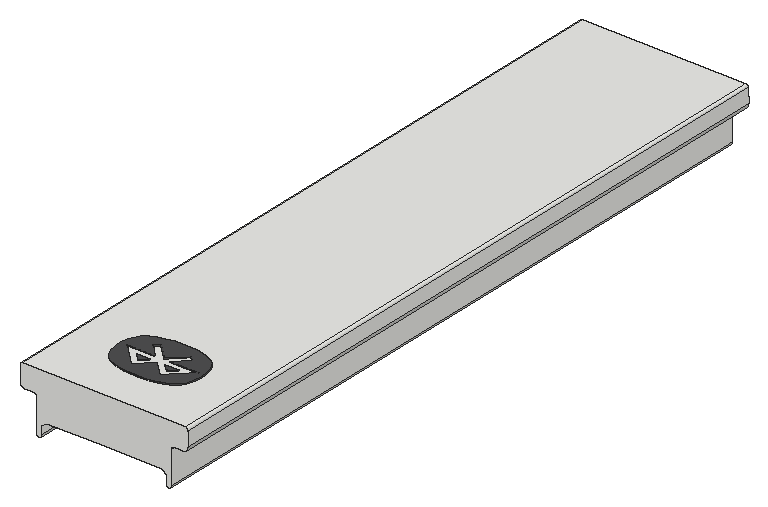
Revit family "Zumtobel TECTON 2 wireless controls", category Lighting Devices, host Face, Revit 2023
Family settings
  Host = Face
  Round Connector Dimension = Use Diameter
  Part Type = Normal
  Cut with Voids When Loaded = No
  Maintain Annotation Orientation = No
  Shared = Yes
  Room Calculation Point = Yes
Parameters (values of type "BC REPEATER TEC2 WH")
  Visibility NOT HC = not(Visibility HC)  # yes
  Visibility LC/MC = or([Is LC/MC Type], and(not(Is HC Type), not(Is Only Bluetooth)))  # no
  Visibility HC = and(not([Is LC/MC Type]), Is HC Type)  # no
  Visibility B = and(not([Is LC/MC Type]), not(Is HC Type), Is Only Bluetooth)  # yes
  Material Bluetooth = Zumtobel-Plastic-RAL 9005-Jet Black
  Is Only Bluetooth = yes
  URL = "www.zumtobel.com/22173073"
  Type Image = ZS_TE2_F_BC_Sensor_WH.jpg
  Type IFC Predefined Type = "MOVEMENTSENSOR"
  Model = "22173073"
  Material Housing = Zumtobel-Plastic-RAL 9003-Signal White
  Material Body = Zumtobel-Plastic-RAL 9003-Signal White
  Manufacturer = "Zumtobel Lighting"  # constant formula
  Luminaire Width = 60 mm  # constant formula
  Luminaire Length = 250 mm  # constant formula
  Luminaire Height = 90 mm  # constant formula
  Lighting Trunking System Mark [instance] = ""
  Is LC/MC Type = no
  Is HC Type = no
  Export Type to IFC As = "IfcSensorType"
  Description = "Lighting and occupancy sensors"  # constant formula
  Default Elevation = 0 mm  # constant formula
  Assembly Code = "Pr_75_75_27_23"
Types (7, lengths in mm): name | Visibility NOT HC | Visibility LC/MC | Visibility HC | Visibility B | Material Bluetooth | Is Only Bluetooth | URL | Type Image | Model | Material Housing | Material Body | Is LC/MC Type | Is HC Type
  (no name) | yes | no | no | yes | Zumtobel-Plastic-RAL 9005-Jet Black | yes | "www.zumtobel.com/22173073" | ZS_TE2_F_BC_Sensor_WH.jpg | "22173073" | Zumtobel-Plastic-RAL 9003-Signal White | Zumtobel-Plastic-RAL 9003-Signal White | no | no
  BC REPEATER TEC2 BK | yes | no | no | yes | Zumtobel-Plastic-RAL 9003-Signal White | yes | "www.zumtobel.com/22173111" | ZS_TE2_F_BC_Sensor_BK.jpg | "22173111" | Zumtobel-Plastic-RAL 9005-Jet Black | Zumtobel-Plastic-RAL 9005-Jet Black | no | no
  BC REPEATER TEC2 WH | yes | no | no | yes | Zumtobel-Plastic-RAL 9005-Jet Black | yes | "www.zumtobel.com/22173073" | ZS_TE2_F_BC_Sensor_WH.jpg | "22173073" | Zumtobel-Plastic-RAL 9003-Signal White | Zumtobel-Plastic-RAL 9003-Signal White | no | no
  DALI MSENS HB BC TEC2 BK | no | no | yes | no | Zumtobel-Plastic-RAL 9003-Signal White | no | "www.zumtobel.com/22173115" | ZS_TEC_F_MSENS_HC_BK.jpg | "22173115" | Zumtobel-Plastic-RAL 9005-Jet Black | Zumtobel-Plastic-RAL 9003-Signal White | no | yes
  DALI MSENS HC BC TEC2 WH | no | no | yes | no | Zumtobel-Plastic-RAL 9005-Jet Black | no | "www.zumtobel.com/22172959" | ZS_TEC_F_MSENS_HC_WH.jpg | "22172959" | Zumtobel-Plastic-RAL 9003-Signal White | Zumtobel-Plastic-RAL 9003-Signal White | no | yes
  DALI MSENS LC BC TEC2 WH | yes | yes | no | no | Zumtobel-Plastic-RAL 9005-Jet Black | no | "www.zumtobel.com/22172965" | ZS_TE2_F_MSENS_MC_WH.jpg | "22172965" | Zumtobel-Plastic-RAL 9003-Signal White | Zumtobel-Plastic-RAL 9003-Signal White | yes | no
  DALI MSENS LC BC TEC2 BK | yes | yes | no | no | Zumtobel-Plastic-RAL 9003-Signal White | no | "www.zumtobel.com/22173117" | ZS_TE2_F_MSENS_MC_BK.jpg | "22173117" | Zumtobel-Plastic-RAL 9005-Jet Black | Zumtobel-Plastic-RAL 9005-Jet Black | yes | no
Reference planes
  plane 1 "Center (Front/Back)": y = 0
  plane 2: z = 0
  plane 3 "Center (Left/Right)": x = 0
  plane 4: z = 13.808
  plane 5: y = 125
  plane 6: y = -125
  plane 7: x = -30
  plane 8: x = 30
  plane 9 "Sensor Center": y = 6
  plane 10: y = 6.25
Forms (mm)
  Extrusion 1, solid, material "Zumtobel-Plastic-RAL 9003-Signal White" <- "Material Housing"
    sketch origin (0, 0, 0) x (1, 0, 0) y (0, 0, 1)
      loop
        line (-20.587, -2.563) -> (0, -2.563) -> (20.587, -2.563) -> (22.156, -3.86) -> (22.156, -6.678)
        arc (22.156, -6.678) -> (23.178, -7.7) -> (24.2, -6.678) r 1.022
        line (24.2, -6.678) -> (24.2, 5.214)
        arc (24.2, 5.214) -> (24.378, 5.644) -> (24.808, 5.822) r 0.608
        line (24.808, 5.822) -> (28.1, 5.822)
        arc (28.1, 5.822) -> (29.444, 6.378) -> (30, 7.722) r 1.9
        line (30, 7.722) -> (30, 12.808)
        arc (30, 12.808) -> (29.707, 13.515) -> (29, 13.808) r 1
        line (29, 13.808) -> (-29, 13.808)
        arc (-29, 13.808) -> (-29.707, 13.515) -> (-30, 12.808) r 1
        line (-30, 12.808) -> (-30, 7.722)
        arc (-30, 7.722) -> (-29.444, 6.378) -> (-28.1, 5.822) r 1.9
        line (-28.1, 5.822) -> (-24.808, 5.822)
        arc (-24.808, 5.822) -> (-24.378, 5.644) -> (-24.2, 5.214) r 0.608
        line (-24.2, 5.214) -> (-24.2, -6.678)
        arc (-24.2, -6.678) -> (-23.178, -7.7) -> (-22.156, -6.678) r 1.022
        line (-22.156, -6.678) -> (-22.156, -3.86) -> (-20.587, -2.563)
    from -125 to 125
  Extrusion 2, solid, material "Zumtobel-Plastic-RAL 9005-Jet Black" <- "Material Bluetooth", visible <- "Visibility B"
    sketch origin (0, -100, 0) x (1, 0, 0) y (0, 1, 0)
      loop
        spline (-15, 0) -> (-14.75, -2.419) -> (-14.29, -4.364) -> (-13.634, -5.905) -> (-12.796, -7.117) -> (-11.788, -8.072) -> (-10.625, -8.842) -> (-9.316, -9.491) -> (-7.85, -10.033) -> (-6.205, -10.463) -> (-4.362, -10.776) -> (-2.3, -10.968) -> (0, -11.033)
        spline (0, -11.033) -> (2.3, -10.968) -> (4.362, -10.776) -> (6.205, -10.463) -> (7.85, -10.033) -> (9.316, -9.491) -> (10.625, -8.842) -> (11.788, -8.072) -> (12.796, -7.117) -> (13.634, -5.905) -> (14.29, -4.364) -> (14.75, -2.419) -> (15, 0)
        spline (15, 0) -> (14.75, 2.419) -> (14.29, 4.364) -> (13.634, 5.905) -> (12.796, 7.117) -> (11.788, 8.072) -> (10.625, 8.842) -> (9.316, 9.491) -> (7.85, 10.033) -> (6.205, 10.463) -> (4.362, 10.776) -> (2.3, 10.968) -> (0, 11.033)
        spline (0, 11.033) -> (-2.3, 10.968) -> (-4.362, 10.776) -> (-6.205, 10.463) -> (-7.85, 10.033) -> (-9.316, 9.491) -> (-10.625, 8.842) -> (-11.788, 8.072) -> (-12.796, 7.117) -> (-13.634, 5.905) -> (-14.29, 4.364) -> (-14.75, 2.419) -> (-15, 0)
      loop
        line (0, -1.694) -> (5.115, -6.81) -> (12.946, 1.021) -> (2.715, 1.021) -> (6.929, 5.235) -> (5.347, 6.817) -> (0, 1.47) -> (-5.347, 6.817) -> (-6.929, 5.235) -> (-2.715, 1.021) -> (-12.946, 1.021) -> (-5.115, -6.81) -> (0, -1.694)
      loop
        line (-7.504, -1.213) -> (-5.093, -3.623) -> (-2.683, -1.213) -> (-7.504, -1.213)
      loop
        line (7.504, -1.213) -> (2.683, -1.213) -> (5.093, -3.623) -> (7.504, -1.213)
    from 14 to 13
  Revolve 3, solid, material "Zumtobel-Plastic-Translucent-White", visible <- "Visibility LC/MC"
    sketch origin (0, 0, 0) x (0, -1, 0) y (0, 0, -1)
      loop
        arc (-109.569, -14.593) -> (-105.496, -18.555) -> (-100, -20) r 11.171
        line (-100, -20) -> (-100, -14.593) -> (-109.569, -14.593)
      axis (-100, -14.593) -> (-100, -20)
    angle from 0 to 360
  Revolve 4, solid, material "Zumtobel-Plastic-RAL 9003-Signal White" <- "Material Housing", visible <- "Visibility LC/MC"
    sketch origin (0, 0, 0) x (0, -1, 0) y (0, 0, -1)
      loop
        arc (-116, -13.808) -> (-113.151, -17.104) -> (-109.579, -19.6) r 17.614
        line (-109.579, -19.6) -> (-107.762, -19.6)
        arc (-107.762, -19.6) -> (-110.552, -17.43) -> (-112.66, -14.593) r 13.093
        line (-112.66, -14.593) -> (-100, -14.593) -> (-100, -13.808) -> (-116, -13.808)
      axis (-100, -13.808) -> (-100, -19.6)
    angle from 0 to 360
  Extrusion 5, solid, material "Zumtobel-Plastic-RAL 9003-Signal White" <- "Material Housing", visible <- "Visibility HC"
    sketch origin (0, 12.25, 0) x (1, 0, 0) y (0, 1, 0)
      loop
        arc (40, -47.25) -> (43.536, -45.786) -> (45, -42.25) r 5
        line (45, -42.25) -> (45, -3.769) -> (45, 53.75)
        arc (45, 53.75) -> (43.536, 57.286) -> (40, 58.75) r 5
        line (40, 58.75) -> (-40, 58.75)
        arc (-40, 58.75) -> (-43.536, 57.286) -> (-45, 53.75) r 5
        line (-45, 53.75) -> (-45, -6.406) -> (-45, -42.25)
        arc (-45, -42.25) -> (-43.536, -45.786) -> (-40, -47.25) r 5
        line (-40, -47.25) -> (40, -47.25)
    from 13.808 to 31.808
  Extrusion 6, solid, material "Zumtobel-Plastic-RAL 9003-Signal White" <- "Material Body", visible <- "Visibility HC"
    sketch origin (0, 12.25, 0) x (1, 0, 0) y (0, 1, 0)
      loop
        line (-42, 53.25) -> (-42, -10.679) -> (-42, -41.75)
        arc (-42, -41.75) -> (-41.268, -43.518) -> (-39.5, -44.25) r 2.5
        line (-39.5, -44.25) -> (39.5, -44.25)
        arc (39.5, -44.25) -> (41.268, -43.518) -> (42, -41.75) r 2.5
        line (42, -41.75) -> (42, -17.113) -> (42, 53.25)
        arc (42, 53.25) -> (41.268, 55.018) -> (39.5, 55.75) r 2.5
        line (39.5, 55.75) -> (-39.5, 55.75)
        arc (-39.5, 55.75) -> (-41.268, 55.018) -> (-42, 53.25) r 2.5
    from 31.808 to 39.8
  Revolve 7, solid, material "Zumtobel-Plastic-RAL 9003-Signal White" <- "Material Body", visible <- "Visibility HC"
    sketch origin (0, 12.25, -4) x (0, 1, 0) y (0, 0, 1)
      loop
        line (-6.25, 41.8) -> (-6.25, 44.31) -> (-26.05, 44.31)
        arc (-26.05, 44.31) -> (-35.356, 48.367) -> (-38.715, 57.947) r 12.7
        line (-38.715, 57.947) -> (-42.573, 57.947) -> (-42.573, 50.592) -> (-40.781, 48.8) -> (-40.781, 41.8) -> (-6.25, 41.8)
      axis (-6.25, 57.947) -> (-6.25, 41.8)
    angle from 0 to 360
  Revolve 8, solid, material "Zumtobel-Plastic-Translucent-White", visible <- "Visibility HC"
    sketch origin (0, 12.25, 0) x (0, 1, 0) y (0, 0, 1)
      loop
        arc (-6.25, 47.701) -> (-16.871, 45.512) -> (-26.09, 39.8) r 31.014
        line (-26.09, 39.8) -> (-6.25, 39.8) -> (-6.25, 47.701)
      axis (-6.25, 47.701) -> (-6.25, 39.8)
    angle from 0 to 360
  Revolve 9, void
    sketch origin (0, 12.25, 0) x (0, 1, 0) y (0, 0, 1)
      loop
        line (-26.722, 42.012) -> (-26.722, 39.578) -> (-23.873, 39.578) -> (-26.722, 42.012)
      axis (-6.25, 42.012) -> (-6.25, 39.578)
    angle from 0 to 360
  Extrusion 10, void
    sketch origin (0, 12.25, 0) x (1, 0, 0) y (0, 1, 0)
      loop
        line (1.519, 28.54) -> (1.672, 32.037)
        arc (1.672, 32.037) -> (0.836, 32.064) -> (0, 32.073) r 38.323
        arc (0, 32.073) -> (-0.836, 32.064) -> (-1.672, 32.037) r 38.323
        line (-1.672, 32.037) -> (-1.519, 28.54)
        arc (-1.519, 28.54) -> (-3.035, 28.441) -> (-4.545, 28.275) r 34.823
        line (-4.545, 28.275) -> (-5.002, 31.745)
        arc (-5.002, 31.745) -> (-6.655, 31.491) -> (-8.295, 31.165) r 38.323
        line (-8.295, 31.165) -> (-7.537, 27.748)
        arc (-7.537, 27.748) -> (-9.013, 27.387) -> (-10.472, 26.961) r 34.823
        line (-10.472, 26.961) -> (-11.524, 30.299)
        arc (-11.524, 30.299) -> (-13.107, 29.762) -> (-14.666, 29.156) r 38.323
        line (-14.666, 29.156) -> (-13.326, 25.922)
        arc (-13.326, 25.922) -> (-14.717, 25.31) -> (-16.08, 24.638) r 34.823
        line (-16.08, 24.638) -> (-17.696, 27.743)
        arc (-17.696, 27.743) -> (-19.162, 26.939) -> (-20.591, 26.071) r 38.323
        line (-20.591, 26.071) -> (-18.71, 23.119)
        arc (-18.71, 23.119) -> (-19.974, 22.275) -> (-21.199, 21.377) r 34.823
        line (-21.199, 21.377) -> (-23.33, 24.154)
        arc (-23.33, 24.154) -> (-24.634, 23.107) -> (-25.891, 22.005) r 38.323
        line (-25.891, 22.005) -> (-23.526, 19.424)
        arc (-23.526, 19.424) -> (-24.624, 18.374) -> (-25.674, 17.276) r 34.823
        line (-25.674, 17.276) -> (-28.255, 19.641)
        arc (-28.255, 19.641) -> (-29.357, 18.384) -> (-30.404, 17.08) r 38.323
        line (-30.404, 17.08) -> (-27.627, 14.949)
        arc (-27.627, 14.949) -> (-28.525, 13.724) -> (-29.369, 12.46) r 34.823
        line (-29.369, 12.46) -> (-32.321, 14.341)
        arc (-32.321, 14.341) -> (-33.189, 12.912) -> (-33.993, 11.446) r 38.323
        line (-33.993, 11.446) -> (-30.888, 9.83)
        arc (-30.888, 9.83) -> (-31.56, 8.467) -> (-32.172, 7.076) r 34.823
        line (-32.172, 7.076) -> (-35.406, 8.416)
        arc (-35.406, 8.416) -> (-36.012, 6.857) -> (-36.549, 5.274) r 38.323
        line (-36.549, 5.274) -> (-33.211, 4.222)
        arc (-33.211, 4.222) -> (-33.637, 2.763) -> (-33.998, 1.287) r 34.823
        line (-33.998, 1.287) -> (-37.415, 2.045)
        arc (-37.415, 2.045) -> (-37.741, 0.405) -> (-37.995, -1.248) r 38.323
        line (-37.995, -1.248) -> (-34.525, -1.705)
        arc (-34.525, -1.705) -> (-34.691, -3.215) -> (-34.79, -4.731) r 34.823
        line (-34.79, -4.731) -> (-38.287, -4.578)
        arc (-38.287, -4.578) -> (-38.314, -5.414) -> (-38.323, -6.25) r 38.323
        arc (-38.323, -6.25) -> (-38.314, -7.086) -> (-38.287, -7.922) r 38.323
        line (-38.287, -7.922) -> (-34.79, -7.769)
        arc (-34.79, -7.769) -> (-34.691, -9.285) -> (-34.525, -10.795) r 34.823
        line (-34.525, -10.795) -> (-37.995, -11.252)
        arc (-37.995, -11.252) -> (-37.741, -12.905) -> (-37.415, -14.545) r 38.323
        line (-37.415, -14.545) -> (-33.998, -13.787)
        arc (-33.998, -13.787) -> (-33.637, -15.263) -> (-33.211, -16.722) r 34.823
        line (-33.211, -16.722) -> (-36.549, -17.774)
        arc (-36.549, -17.774) -> (-36.012, -19.357) -> (-35.406, -20.916) r 38.323
        line (-35.406, -20.916) -> (-32.172, -19.576)
        arc (-32.172, -19.576) -> (-31.56, -20.967) -> (-30.888, -22.33) r 34.823
        line (-30.888, -22.33) -> (-33.993, -23.946)
        arc (-33.993, -23.946) -> (-33.189, -25.412) -> (-32.321, -26.841) r 38.323
        line (-32.321, -26.841) -> (-29.369, -24.96)
        arc (-29.369, -24.96) -> (-28.525, -26.224) -> (-27.627, -27.449) r 34.823
        line (-27.627, -27.449) -> (-30.404, -29.58)
        arc (-30.404, -29.58) -> (-29.357, -30.884) -> (-28.255, -32.141) r 38.323
        line (-28.255, -32.141) -> (-25.674, -29.776)
        arc (-25.674, -29.776) -> (-24.624, -30.874) -> (-23.526, -31.924) r 34.823
        line (-23.526, -31.924) -> (-25.891, -34.505)
        arc (-25.891, -34.505) -> (-24.634, -35.607) -> (-23.33, -36.654) r 38.323
        line (-23.33, -36.654) -> (-21.199, -33.877)
        arc (-21.199, -33.877) -> (-19.974, -34.775) -> (-18.71, -35.619) r 34.823
        line (-18.71, -35.619) -> (-20.591, -38.571)
        arc (-20.591, -38.571) -> (-19.162, -39.439) -> (-17.696, -40.243) r 38.323
        line (-17.696, -40.243) -> (-16.08, -37.138)
        arc (-16.08, -37.138) -> (-14.717, -37.81) -> (-13.326, -38.422) r 34.823
        line (-13.326, -38.422) -> (-14.666, -41.656)
        arc (-14.666, -41.656) -> (-13.107, -42.262) -> (-11.524, -42.799) r 38.323
        line (-11.524, -42.799) -> (-10.472, -39.461)
        arc (-10.472, -39.461) -> (-9.013, -39.887) -> (-7.537, -40.248) r 34.823
        line (-7.537, -40.248) -> (-8.295, -43.665)
        arc (-8.295, -43.665) -> (-6.655, -43.991) -> (-5.002, -44.245) r 38.323
        line (-5.002, -44.245) -> (-4.545, -40.775)
        arc (-4.545, -40.775) -> (-3.035, -40.941) -> (-1.519, -41.04) r 34.823
        line (-1.519, -41.04) -> (-1.672, -44.537)
        arc (-1.672, -44.537) -> (-0.836, -44.564) -> (0, -44.573) r 38.323
        arc (0, -44.573) -> (0.836, -44.564) -> (1.672, -44.537) r 38.323
        line (1.672, -44.537) -> (1.519, -41.04)
        arc (1.519, -41.04) -> (3.035, -40.941) -> (4.545, -40.775) r 34.823
        line (4.545, -40.775) -> (5.002, -44.245)
        arc (5.002, -44.245) -> (6.655, -43.991) -> (8.295, -43.665) r 38.323
        line (8.295, -43.665) -> (7.537, -40.248)
        arc (7.537, -40.248) -> (9.013, -39.887) -> (10.472, -39.461) r 34.823
        line (10.472, -39.461) -> (11.524, -42.799)
        arc (11.524, -42.799) -> (13.107, -42.262) -> (14.666, -41.656) r 38.323
        line (14.666, -41.656) -> (13.326, -38.422)
        arc (13.326, -38.422) -> (14.717, -37.81) -> (16.08, -37.138) r 34.823
        line (16.08, -37.138) -> (17.696, -40.243)
        arc (17.696, -40.243) -> (19.162, -39.439) -> (20.591, -38.571) r 38.323
        line (20.591, -38.571) -> (18.71, -35.619)
        arc (18.71, -35.619) -> (19.974, -34.775) -> (21.199, -33.877) r 34.823
        line (21.199, -33.877) -> (23.33, -36.654)
        arc (23.33, -36.654) -> (24.634, -35.607) -> (25.891, -34.505) r 38.323
        line (25.891, -34.505) -> (23.526, -31.924)
        arc (23.526, -31.924) -> (24.624, -30.874) -> (25.674, -29.776) r 34.823
        line (25.674, -29.776) -> (28.255, -32.141)
        arc (28.255, -32.141) -> (29.357, -30.884) -> (30.404, -29.58) r 38.323
        line (30.404, -29.58) -> (27.627, -27.449)
        arc (27.627, -27.449) -> (28.525, -26.224) -> (29.369, -24.96) r 34.823
        line (29.369, -24.96) -> (32.321, -26.841)
        arc (32.321, -26.841) -> (33.189, -25.412) -> (33.993, -23.946) r 38.323
        line (33.993, -23.946) -> (30.888, -22.33)
        arc (30.888, -22.33) -> (31.56, -20.967) -> (32.172, -19.576) r 34.823
        line (32.172, -19.576) -> (35.406, -20.916)
        arc (35.406, -20.916) -> (36.012, -19.357) -> (36.549, -17.774) r 38.323
        line (36.549, -17.774) -> (33.211, -16.722)
        arc (33.211, -16.722) -> (33.637, -15.263) -> (33.998, -13.787) r 34.823
        line (33.998, -13.787) -> (37.415, -14.545)
        arc (37.415, -14.545) -> (37.741, -12.905) -> (37.995, -11.252) r 38.323
        line (37.995, -11.252) -> (34.525, -10.795)
        arc (34.525, -10.795) -> (34.691, -9.285) -> (34.79, -7.769) r 34.823
        line (34.79, -7.769) -> (38.287, -7.922)
        arc (38.287, -7.922) -> (38.314, -7.086) -> (38.323, -6.25) r 38.323
        arc (38.323, -6.25) -> (38.314, -5.414) -> (38.287, -4.578) r 38.323
        line (38.287, -4.578) -> (34.79, -4.731)
        arc (34.79, -4.731) -> (34.691, -3.215) -> (34.525, -1.705) r 34.823
        line (34.525, -1.705) -> (37.995, -1.248)
        arc (37.995, -1.248) -> (37.741, 0.405) -> (37.415, 2.045) r 38.323
        line (37.415, 2.045) -> (33.998, 1.287)
        arc (33.998, 1.287) -> (33.637, 2.763) -> (33.211, 4.222) r 34.823
        line (33.211, 4.222) -> (36.549, 5.274)
        arc (36.549, 5.274) -> (36.012, 6.857) -> (35.406, 8.416) r 38.323
        line (35.406, 8.416) -> (32.172, 7.076)
        arc (32.172, 7.076) -> (31.56, 8.467) -> (30.888, 9.83) r 34.823
        line (30.888, 9.83) -> (33.993, 11.446)
        arc (33.993, 11.446) -> (33.189, 12.912) -> (32.321, 14.341) r 38.323
        line (32.321, 14.341) -> (29.369, 12.46)
        arc (29.369, 12.46) -> (28.525, 13.724) -> (27.627, 14.949) r 34.823
        line (27.627, 14.949) -> (30.404, 17.08)
        arc (30.404, 17.08) -> (29.357, 18.384) -> (28.255, 19.641) r 38.323
        line (28.255, 19.641) -> (25.674, 17.276)
        arc (25.674, 17.276) -> (24.624, 18.374) -> (23.526, 19.424) r 34.823
        line (23.526, 19.424) -> (25.891, 22.005)
        arc (25.891, 22.005) -> (24.634, 23.107) -> (23.33, 24.154) r 38.323
        line (23.33, 24.154) -> (21.199, 21.377)
        arc (21.199, 21.377) -> (19.974, 22.275) -> (18.71, 23.119) r 34.823
        line (18.71, 23.119) -> (20.591, 26.071)
        arc (20.591, 26.071) -> (19.162, 26.939) -> (17.696, 27.743) r 38.323
        line (17.696, 27.743) -> (16.08, 24.638)
        arc (16.08, 24.638) -> (14.717, 25.31) -> (13.326, 25.922) r 34.823
        line (13.326, 25.922) -> (14.666, 29.156)
        arc (14.666, 29.156) -> (13.107, 29.762) -> (11.524, 30.299) r 38.323
        line (11.524, 30.299) -> (10.472, 26.961)
        arc (10.472, 26.961) -> (9.013, 27.387) -> (7.537, 27.748) r 34.823
        line (7.537, 27.748) -> (8.295, 31.165)
        arc (8.295, 31.165) -> (6.655, 31.491) -> (5.002, 31.745) r 38.323
        line (5.002, 31.745) -> (4.545, 28.275)
        arc (4.545, 28.275) -> (3.035, 28.441) -> (1.519, 28.54) r 34.823
      loop
        arc (-1.637, 36.184) -> (-42.459, -7.002) -> (-0.132, -48.715) r 42.465
        arc (-0.132, -48.715) -> (29.981, -36.324) -> (42.465, -6.25) r 42.465
        arc (42.465, -6.25) -> (29.443, 24.351) -> (-1.637, 36.184) r 42.465
    from 44.8 to 56.041
  Revolve 11, void
    sketch origin (0, 0, 0) x (0, 1, 0) y (0, 0, 1)
      loop
        line (-29.25, 37.8) -> (6, 37.8) -> (6, 40.943) -> (-29.25, 40.943) -> (-29.25, 37.8)
      axis (6, 40.943) -> (6, 37.8)
    angle from 0 to 360
Cuts and joins
  Revolve 9, Extrusion 10 cuts Revolve 7
  Revolve 11 cuts Extrusion 6
Lines and regions (mm)
  Filled region 1, type "White", visible <- "Visibility HC"
    outline origin (0, 0, 0) x (1, 0, 0) y (0, 1, 0)
      loop
        line (-30, 125) -> (-30, 71) -> (30, 71) -> (30, 125) -> (-30, 125)
      loop
        line (-30, -125) -> (30, -125) -> (30, -35) -> (-30, -35) -> (-30, -125)
  Masking region 1, visible <- "Visibility HC"
    outline origin (200, 0, 0) x (1, 0, 0) y (0, 1, 0)
      loop
        line (-245, 66) -> (-245, 5.844) -> (-245, -30)
        arc (-245, -30) -> (-243.536, -33.536) -> (-240, -35) r 5
        line (-240, -35) -> (-160, -35)
        arc (-160, -35) -> (-156.464, -33.536) -> (-155, -30) r 5
        line (-155, -30) -> (-155, 8.481) -> (-155, 66)
        arc (-155, 66) -> (-156.464, 69.536) -> (-160, 71) r 5
        line (-160, 71) -> (-240, 71)
        arc (-240, 71) -> (-243.536, 69.536) -> (-245, 66) r 5
  Filled region 2, type "White", visible <- "Visibility NOT HC"
    outline origin (0, 0, 0) x (1, 0, 0) y (0, 1, 0)
      loop
        line (-30, 125) -> (-30, -2.487) -> (-30, -125) -> (30, -125) -> (30, 8.485) -> (30, 125) -> (-30, 125)
  model lines, style "InvisibleLines"
    curve 1: line (-250, 125, 0) -> (250, 125, 0)
    curve 2: line (-250, -125, 0) -> (250, -125, 0)
    curve 15: line (0, 0, 0) -> (0, -300, 0)
    curve 16: line (0, -300, 0) -> (34.202, -206.031, 0)
    curve 17: line (0, -300, 0) -> (-34.202, -206.031, 0)
  symbolic lines, visible <- "Visibility B"
    curve 3: line (15, -100, 0) -> (0, -88.967, 0)
    curve 4: line (0, -88.967, 0) -> (-15, -100, 0)
    curve 5: line (-15, -100, 0) -> (0, -111.033, 0)
    curve 6: line (0, -111.033, 0) -> (15, -100, 0)
  symbolic lines, visible <- "Visibility LC/MC"
    curve 7: arc (0, 116, 0) -> (16, 100, 0) -> (0, 84, 0) r 16
    curve 8: arc (0, 84, 0) -> (-16, 100, 0) -> (0, 116, 0) r 16
    curve 9: arc (0, 92.238, 0) -> (-7.762, 100, 0) -> (0, 107.762, 0) r 7.762
    curve 10: arc (0, 107.762, 0) -> (7.762, 100, 0) -> (0, 92.238, 0) r 7.762
  symbolic lines, visible <- "Visibility HC"
    curve 11: arc (0, -30.323, 0) -> (36.323, 6, 0) -> (0, 42.323, 0) r 36.323
    curve 12: arc (0, 42.323, 0) -> (-36.323, 6, 0) -> (0, -30.323, 0) r 36.323
    curve 13: arc (0, -14.472, 0) -> (-20.472, 6, 0) -> (0, 26.472, 0) r 20.472
    curve 14: arc (0, 26.472, 0) -> (20.472, 6, 0) -> (0, -14.472, 0) r 20.472
  model lines
    curve 18: line (-24.2, -125, 0) -> (24.2, -125, 0)
    curve 19: line (-24.2, 125, 0) -> (24.2, 125, 0)
Dimensions and locks
  locked: plane 4 to host face at 13.808
  equal spacing: plane 6, plane 1 "Center (Front/Back)", plane 5
  "Luminaire Length": plane 6 to plane 5
  equal spacing: plane 7, plane 3 "Center (Left/Right)", plane 8
  plane 7 to plane 8 = 60 mm
  plane 5 to plane 6 = 250 mm
  aligned and locked: plane 2 to host face
  aligned and locked: level to host face
  aligned and locked: Extrusion 1 to plane 4
  aligned and locked: plane 6 to curve 2
  aligned and locked: curve 1 to plane 5
  aligned and locked: Revolve 3 sketch curve to Revolve 4
  aligned and locked: Revolve 11 sketch curve to Revolve 11 sketch curve
Automatic sketch dimensions
  host sketch curve to host sketch curve = 2438.4 mm  (x2)
  Extrusion 2 sketch curve to plane 3 "Center (Left/Right)" = 0 mm  (x4)
  Extrusion 2 sketch curve to plane 3 "Center (Left/Right)" = 2.683 mm
  Extrusion 2 sketch curve to Extrusion 2 sketch curve = 0.032 mm  (x2)
  Extrusion 2 sketch curve to Extrusion 2 sketch curve = 2.41 mm  (x4)
  Extrusion 2 sketch curve to Extrusion 2 sketch curve = 0.022 mm  (x2)
  Extrusion 2 sketch curve to plane 3 "Center (Left/Right)" = 5.347 mm
  Extrusion 2 sketch curve to Extrusion 2 sketch curve = 1.582 mm  (x2)
  Extrusion 2 sketch curve to Extrusion 2 sketch curve = 5.443 mm  (x2)
  Extrusion 2 sketch curve to Extrusion 2 sketch curve = 2.054 mm  (x2)
  plane 3 "Center (Left/Right)" to Extrusion 2 sketch curve = 2.683 mm
  plane 3 "Center (Left/Right)" to Extrusion 2 sketch curve = 5.347 mm
  Extrusion 2 sketch curve to plane 6 = 13.967 mm
  Extrusion 2 sketch curve to Extrusion 2 sketch curve = 4.223 mm  (x2)
  Extrusion 2 sketch curve to Extrusion 2 sketch curve = 3.186 mm  (x2)
  Extrusion 2 sketch curve to Extrusion 2 sketch curve = 1.021 mm  (x2)
  Extrusion 2 sketch curve to Extrusion 2 sketch curve = 4.216 mm
  Filled region 2 sketch curve to plane 5 = 0 mm
  plane 6 to Filled region 2 sketch curve = 0 mm
  plane 8 to Filled region 2 sketch curve = 60 mm
  Filled region 2 sketch curve to Filled region 2 sketch curve = 60 mm
  plane 1 "Center (Front/Back)" to Filled region 2 sketch curve = 2.487 mm
  Filled region 2 sketch curve to plane 1 "Center (Front/Back)" = 8.485 mm
  curve 7 to curve 8 = 0 mm  (x2)
  curve 7 to curve 9 = 0 mm  (x2)
  curve 7 to curve 10 = 0 mm  (x2)
  curve 8 to curve 9 = 0 mm  (x2)
  curve 8 to curve 10 = 0 mm  (x2)
  curve 9 to curve 10 = 0 mm  (x2)
  curve 11 to curve 12 = 0 mm  (x2)
  curve 11 to curve 13 = 0 mm  (x2)
  curve 11 to curve 14 = 0 mm  (x2)
  curve 12 to curve 13 = 0 mm  (x2)
  curve 12 to curve 14 = 0 mm  (x2)
  curve 13 to curve 14 = 0 mm  (x2)
  curve 4 to plane 3 "Center (Left/Right)" = 0 mm
  curve 17 to plane 3 "Center (Left/Right)" = 0 mm
  curve 10 to plane 3 "Center (Left/Right)" = 0 mm
  curve 5 to plane 3 "Center (Left/Right)" = 0 mm
  curve 11 to plane 3 "Center (Left/Right)" = 0 mm
  plane 1 "Center (Front/Back)" to curve 15 = 0 mm
  curve 5 to plane 3 "Center (Left/Right)" = 15 mm
  plane 3 "Center (Left/Right)" to curve 6 = 15 mm
  plane 6 to curve 16 = 175 mm
  curve 6 to plane 6 = 13.967 mm
  curve 5 to curve 3 = 11.033 mm
  curve 5 to curve 5 = 11.033 mm
  curve 3 to curve 4 = 11.033 mm
  plane 10 to curve 14 = 0.25 mm
  curve 8 to plane 5 = 25 mm
  curve 17 to plane 7 = 4.202 mm
  curve 1 to plane 7 = 220 mm
  curve 2 to plane 7 = 220 mm
  curve 16 to plane 8 = 4.202 mm
  curve 2 to plane 8 = 220 mm
  curve 1 to plane 8 = 220 mm
  plane 6 to curve 17 = 81.031 mm
  curve 17 to curve 16 = 0 mm
  plane 1 "Center (Front/Back)" to curve 11 = 30.323 mm
  plane 1 "Center (Front/Back)" to curve 13 = 14.472 mm
  curve 7 to curve 7 = 16 mm
  curve 9 to curve 7 = 7.762 mm
  Filled region 1 sketch curve to plane 5 = 0 mm
  Filled region 1 sketch curve to plane 7 = 0 mm  (x2)
  plane 6 to Filled region 1 sketch curve = 0 mm
  Filled region 1 sketch curve to plane 8 = 0 mm  (x2)
  plane 1 "Center (Front/Back)" to Filled region 1 sketch curve = 35 mm
  Filled region 1 sketch curve to plane 5 = 54 mm
  Masking region 1 sketch curve to plane 7 = 15 mm
  Masking region 1 sketch curve to Masking region 1 sketch curve = 5 mm  (x2)
  Masking region 1 sketch curve to plane 8 = 10 mm  (x2)
  Masking region 1 sketch curve to plane 10 = 2.231 mm
  Masking region 1 sketch curve to plane 8 = 15 mm
  plane 10 to Masking region 1 sketch curve = 0.406 mm
  plane 1 "Center (Front/Back)" to Masking region 1 sketch curve = 30 mm
  Masking region 1 sketch curve to Masking region 1 sketch curve = 57.519 mm
  plane 10 to Extrusion 5 sketch curve = 0.406 mm
  Extrusion 5 sketch curve to plane 7 = 15 mm
  Extrusion 5 sketch curve to Extrusion 5 sketch curve = 5 mm  (x2)
  Extrusion 5 sketch curve to plane 8 = 10 mm  (x2)
  Extrusion 5 sketch curve to plane 10 = 2.231 mm
  Extrusion 5 sketch curve to plane 8 = 15 mm
  plane 1 "Center (Front/Back)" to Extrusion 5 sketch curve = 30 mm
  Extrusion 5 sketch curve to Extrusion 5 sketch curve = 57.519 mm
  Extrusion 6 sketch curve to plane 7 = 12 mm
  Extrusion 6 sketch curve to Extrusion 6 sketch curve = 2.5 mm  (x2)
  Extrusion 6 sketch curve to plane 8 = 9.5 mm  (x2)
  plane 1 "Center (Front/Back)" to Extrusion 6 sketch curve = 4.863 mm
  Extrusion 6 sketch curve to plane 8 = 12 mm
  Extrusion 6 sketch curve to Extrusion 6 sketch curve = 24.637 mm
  Extrusion 6 sketch curve to plane 1 "Center (Front/Back)" = 1.571 mm
  Extrusion 6 sketch curve to plane 10 = 59.25 mm
  Extrusion 10 sketch curve to Extrusion 10 sketch curve = 0 mm  (x6163)
  Extrusion 10 sketch curve to plane 3 "Center (Left/Right)" = 0 mm
  Extrusion 10 sketch curve to plane 3 "Center (Left/Right)" = 1.519 mm  (x2)
  Extrusion 10 sketch curve to plane 3 "Center (Left/Right)" = 1.672 mm  (x2)
  Extrusion 10 sketch curve to Extrusion 10 sketch curve = 3.026 mm  (x4)
  Extrusion 10 sketch curve to Extrusion 10 sketch curve = 3.331 mm  (x4)
  Extrusion 10 sketch curve to Extrusion 10 sketch curve = 2.992 mm  (x6)
  Extrusion 10 sketch curve to Extrusion 10 sketch curve = 3.292 mm  (x4)
  Extrusion 10 sketch curve to Extrusion 10 sketch curve = 2.934 mm  (x4)
  Extrusion 10 sketch curve to Extrusion 10 sketch curve = 3.229 mm  (x8)
  Extrusion 10 sketch curve to Extrusion 10 sketch curve = 2.855 mm  (x8)
  Extrusion 10 sketch curve to Extrusion 10 sketch curve = 3.142 mm  (x4)
  Extrusion 10 sketch curve to Extrusion 10 sketch curve = 2.753 mm  (x4)
  Extrusion 10 sketch curve to Extrusion 10 sketch curve = 3.03 mm  (x8)
  Extrusion 10 sketch curve to Extrusion 10 sketch curve = 2.631 mm  (x8)
  Extrusion 10 sketch curve to Extrusion 10 sketch curve = 2.895 mm  (x4)
  Extrusion 10 sketch curve to Extrusion 10 sketch curve = 2.489 mm  (x4)
  Extrusion 10 sketch curve to Extrusion 10 sketch curve = 2.739 mm  (x8)
  Extrusion 10 sketch curve to Extrusion 10 sketch curve = 2.327 mm  (x8)
  Extrusion 10 sketch curve to Extrusion 10 sketch curve = 2.148 mm  (x4)
  Extrusion 10 sketch curve to Extrusion 10 sketch curve = 2.561 mm  (x4)
  plane 7 to Extrusion 10 sketch curve = 2.373 mm  (x2)
  plane 7 to Extrusion 10 sketch curve = 1.745 mm  (x2)
  plane 7 to Extrusion 10 sketch curve = 0.631 mm  (x2)
  Extrusion 10 sketch curve to plane 7 = 0.404 mm  (x2)
  Extrusion 10 sketch curve to plane 7 = 0.888 mm  (x2)
  Extrusion 10 sketch curve to plane 7 = 2.172 mm  (x2)
  Extrusion 10 sketch curve to plane 7 = 2.321 mm  (x2)
  Extrusion 10 sketch curve to Extrusion 10 sketch curve = 1.039 mm  (x8)
  Extrusion 10 sketch curve to Extrusion 10 sketch curve = 1.672 mm  (x4)
  Extrusion 10 sketch curve to Extrusion 10 sketch curve = 0.786 mm  (x4)
  plane 1 "Center (Front/Back)" to Extrusion 10 sketch curve = 1.537 mm  (x2)
  Extrusion 10 sketch curve to plane 1 "Center (Front/Back)" = 1.455 mm  (x2)
  Extrusion 10 sketch curve to Extrusion 10 sketch curve = 0.528 mm  (x8)
  Extrusion 10 sketch curve to plane 10 = 1.269 mm  (x2)
  Extrusion 10 sketch curve to Extrusion 10 sketch curve = 0.265 mm  (x2)
  plane 10 to Extrusion 10 sketch curve = 1.769 mm  (x2)
  Extrusion 10 sketch curve to Extrusion 10 sketch curve = 1.413 mm  (x8)
  Extrusion 10 sketch curve to Extrusion 10 sketch curve = 1.143 mm  (x4)
  plane 1 "Center (Front/Back)" to Extrusion 10 sketch curve = 2.295 mm  (x2)
  Extrusion 10 sketch curve to Extrusion 10 sketch curve = 0.865 mm  (x8)
  Extrusion 10 sketch curve to plane 1 "Center (Front/Back)" = 0.998 mm  (x2)
  Extrusion 10 sketch curve to plane 10 = 4.752 mm  (x2)
  Extrusion 10 sketch curve to Extrusion 10 sketch curve = 0.581 mm  (x2)
  plane 10 to Extrusion 10 sketch curve = 1.922 mm  (x2)
  Extrusion 10 sketch curve to Extrusion 10 sketch curve = 0.291 mm  (x4)
  Extrusion 10 sketch curve to plane 10 = 1.422 mm  (x2)
  plane 3 "Center (Left/Right)" to Extrusion 10 sketch curve = 1.519 mm  (x2)
  plane 3 "Center (Left/Right)" to Extrusion 10 sketch curve = 1.672 mm  (x2)
  plane 8 to Extrusion 10 sketch curve = 2.373 mm  (x2)
  plane 8 to Extrusion 10 sketch curve = 1.745 mm  (x2)
  plane 8 to Extrusion 10 sketch curve = 0.631 mm  (x2)
  Extrusion 10 sketch curve to plane 8 = 0.404 mm  (x2)
  Extrusion 10 sketch curve to plane 8 = 0.888 mm  (x2)
  Extrusion 10 sketch curve to plane 8 = 2.172 mm  (x2)
  Extrusion 10 sketch curve to plane 8 = 2.321 mm  (x2)
  Extrusion 10 sketch curve to Extrusion 10 sketch curve = 1.953 mm  (x4)
  Extrusion 10 sketch curve to Extrusion 10 sketch curve = 2.364 mm  (x4)
  Extrusion 10 sketch curve to Extrusion 10 sketch curve = 1.519 mm  (x4)
  Extrusion 10 sketch curve to Extrusion 10 sketch curve = 1.918 mm  (x4)
  Extrusion 10 sketch curve to plane 3 "Center (Left/Right)" = 0.132 mm
  Extrusion 10 sketch curve to plane 3 "Center (Left/Right)" = 1.637 mm
  Extrusion 10 sketch curve to Extrusion 10 sketch curve = 4.142 mm
  curve 18 to level = 0 mm
  curve 18 to plane 8 = 5.8 mm
  curve 18 to plane 7 = 5.8 mm
  Extrusion 1 sketch curve to plane 7 = 0 mm
  Extrusion 1 sketch curve to plane 4 = 0 mm
  Extrusion 1 sketch curve to plane 3 "Center (Left/Right)" = 0 mm
  plane 8 to Extrusion 1 sketch curve = 0 mm
  Extrusion 1 sketch curve to Extrusion 1 sketch curve = 1 mm  (x2)
  Extrusion 1 sketch curve to Extrusion 1 sketch curve = 1.9 mm  (x2)
  Extrusion 1 sketch curve to Extrusion 1 sketch curve = 3.292 mm
  Extrusion 1 sketch curve to Extrusion 1 sketch curve = 0.608 mm  (x2)
  Extrusion 1 sketch curve to Extrusion 1 sketch curve = 1.022 mm  (x2)
  Extrusion 1 sketch curve to Extrusion 1 sketch curve = 1.569 mm  (x2)
  Extrusion 1 sketch curve to level = 2.563 mm
  plane 8 to Extrusion 1 sketch curve = 9.413 mm
  Extrusion 1 sketch curve to Extrusion 1 sketch curve = 1.297 mm  (x2)
  Extrusion 1 sketch curve to Extrusion 1 sketch curve = 2.819 mm  (x2)
  Extrusion 1 sketch curve to Extrusion 1 sketch curve = 0 mm
  level to Extrusion 1 sketch curve = 5.214 mm  (x2)
  Revolve 3 sketch curve to plane 5 = 15.431 mm
  Revolve 3 sketch curve to Revolve 3 sketch curve = 9.569 mm
  Revolve 3 sketch curve to Revolve 3 sketch curve = 5.407 mm
  Revolve 3 sketch curve to Revolve 3 sketch curve = 0 mm
  Revolve 3 sketch curve to Revolve 3 sketch curve = 13.808 mm
  Revolve 3 sketch curve to level = 2.563 mm
  plane 4 to Revolve 4 sketch curve = 0 mm  (x2)
  Revolve 4 sketch curve to plane 5 = 9 mm
  Revolve 4 sketch curve to plane 4 = 0.785 mm
  Revolve 4 sketch curve to Revolve 4 sketch curve = 3.34 mm
  Revolve 4 sketch curve to Revolve 4 sketch curve = 3.08 mm
  Revolve 4 sketch curve to Revolve 4 sketch curve = 1.818 mm
  level to Revolve 4 sketch curve = 4.025 mm
  Revolve 4 sketch curve to Revolve 4 sketch curve = 11.308 mm
  Revolve 4 sketch curve to Revolve 4 sketch curve = 0.16 mm
  Revolve 4 sketch curve to Revolve 4 sketch curve = 1.192 mm
  Revolve 4 sketch curve to Revolve 4 sketch curve = 7.762 mm
  Revolve 4 sketch curve to Revolve 4 sketch curve = 10.375 mm
  Revolve 7 sketch curve to plane 9 "Sensor Center" = 0 mm  (x2)
  plane 1 "Center (Front/Back)" to Revolve 7 sketch curve = 13.8 mm
  Revolve 7 sketch curve to Revolve 7 sketch curve = 12.665 mm
  Revolve 7 sketch curve to Revolve 7 sketch curve = 14.731 mm
  Revolve 7 sketch curve to Revolve 7 sketch curve = 3.858 mm
  Revolve 7 sketch curve to plane 4 = 23.992 mm
  Revolve 7 sketch curve to Revolve 7 sketch curve = 2.51 mm
  Revolve 7 sketch curve to Revolve 7 sketch curve = 7 mm
  Revolve 7 sketch curve to Revolve 7 sketch curve = 1.792 mm
  Revolve 7 sketch curve to Revolve 7 sketch curve = 12.7 mm
  Revolve 7 sketch curve to plane 4 = 1.048 mm
  Revolve 7 sketch curve to Revolve 7 sketch curve = 30.021 mm
  plane 1 "Center (Front/Back)" to Revolve 8 sketch curve = 13.84 mm
  plane 10 to Revolve 8 sketch curve = 0.25 mm
  Revolve 8 sketch curve to plane 10 = 0.603 mm
  Revolve 8 sketch curve to plane 4 = 2.891 mm
  Revolve 8 sketch curve to plane 4 = 25.992 mm
  Revolve 8 sketch curve to Revolve 8 sketch curve = 0 mm  (x2)
  Revolve 8 sketch curve to Revolve 8 sketch curve = 0.522 mm
  plane 1 "Center (Front/Back)" to Revolve 9 sketch curve = 14.472 mm
  Revolve 9 sketch curve to Revolve 9 sketch curve = 2.849 mm
  Revolve 9 sketch curve to plane 4 = 25.77 mm
  Revolve 9 sketch curve to Revolve 9 sketch curve = 2.434 mm
  plane 10 to Revolve 9 sketch curve = 0.25 mm
  Revolve 9 sketch curve to Revolve 9 sketch curve = 1.388 mm
  Revolve 9 sketch curve to Revolve 9 sketch curve = 6.071 mm
  plane 1 "Center (Front/Back)" to Revolve 11 sketch curve = 29.25 mm
  plane 10 to Revolve 11 sketch curve = 0.25 mm
  Revolve 11 sketch curve to plane 4 = 23.992 mm
  Revolve 11 sketch curve to Revolve 11 sketch curve = 3.143 mm
  Revolve 11 sketch curve to level = 13.536 mm
  Revolve 11 sketch curve to Revolve 11 sketch curve = 25.521 mm
  curve 19 to level = 0 mm
  plane 8 to curve 19 = 5.8 mm
  plane 7 to curve 19 = 5.8 mm
Connectors
  electrical at (0, 0, 0)
    settings: index 1, voltage 220 V, apparent load 5 VA, apparent load phase1 0 VA, apparent load phase2 0 VA, apparent load phase3 0 VA, power factor 1, load classification "Lighting", number of poles 1, system type 30, power factor state 1, is connector primary yes, connector utility no, sub classification motor no, connector description ""
